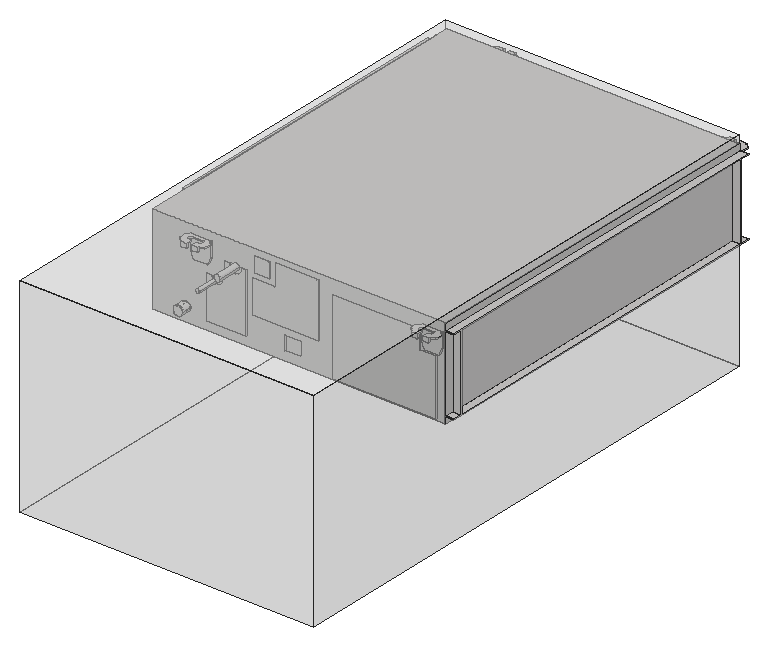
Revit family "outputfile", category 機械設備, Revit 2024
Family settings
  丸型コネクタ寸法 = 半径を使用
  パーツ タイプ = 標準
  OmniClass 番号 = 23.75.10.24.21.27.27
  OmniClass タイトル = Split System Air Conditioning Units
  作業面ベース = いいえ
  常に垂直 = はい
  ロード時にボイドで切り取り = いいえ
  注釈の向きを維持 = いいえ
  共有 = いいえ
  部屋計算ポイント = はい
Parameters (values of type "FBFC30EV2S")
  製造元 = "Daikin"
  書き出し IFC クラス(タイプ) = "IfcUnitaryEquipmentType"
  定義済み IFC タイプ(タイプ) = "AIRCONDITIONINGUNIT"
  モデル = "FBFC30EV2S"
  switch_frequency = yes
  r_Liquid Pipe Size = Liquid Pipe Size / 2  # 4.75 mm
  r_Gas Pipe Size = Gas Pipe Size / 2  # 7.95 mm
  r_Drain Pipe Size = Drain Pipe Size / 2  # 12.5 mm
  lw_power = 770.0 mm  # constant formula
  lh_SA = 138.0 mm  # constant formula
  lw_SA = if(Width = 550.0 mm, 225.0 mm, if(Width = 700.0 mm, 300.0 mm, if(Width = 1000.0 mm, 450.0 mm, if(Width = 1400.0 mm, 650.0 mm, 725.0 mm))))  # 450.0 mm
  lw_RA = if(Width = 550.0 mm, 275.0 mm, if(Width = 700.0 mm, 349.0 mm, if(Width = 1000.0 mm, 499.0 mm, if(Width = 1400.0 mm, 699.0 mm, 775.0 mm))))  # 499.0 mm
  lh_power = 60.0 mm + [h***]  # 60.0 mm
  lh_mountinghole1 = lh_mountinghole + [h***]  # 222.0 mm
  lh_RA = 123.0 mm  # constant formula
  ld_power = Width / 2  # 500.0 mm
  connector_voltage = Voltage_50Hz  # 220 V
  connector_powerinput = [Power Input (Cooling)]  # 2.840 kW
  connector_phase = Phase_50Hz  # 1
  Width = 1000.0 mm
  Voltage_comment_50Hz = "220 - 240"
  Voltage_50Hz = 220 V
  Supply Air Direction [instance] = yes
  Phase_50Hz = 1
  Minimum External Static Pressure = 40.00 Pa
  Maximum External Static Pressure = 140.00 Pa
  Material_Casing = DAIKIN_GalvanizedSteel_Casing_indoorunit
  lw_mountinghole = 630.0 mm  # constant formula
  lh_gaspipe = 183.0 mm + [h***]  # 183.0 mm
  lh_mountinghole = 222.0 mm  # constant formula
  lh_liquidpipe = 136.0 mm + [h***]  # 136.0 mm
  lh_drainpipe = 38.0 mm + [h***]  # 38.0 mm
  lh_antena = Height - lh_mountinghole + 1.0 mm  # 24.0 mm
  ld_drainpipe = Width / 2 + 26.0 mm  # 526.0 mm
  ld_liquidpipe = Width / 2 + 69.0 mm  # 569.0 mm
  ld_gaspipe = Width / 2 + 65.0 mm  # 565.0 mm
  ld_mountinghole = Width + 38.0 mm  # 1038.0 mm
  h*** = 0.0 mm  # constant formula
  lw_liquidpipe = 179.0 mm  # constant formula
  lw_gaspipe = 229.0 mm  # constant formula
  lw_drainpipe = 91.0 mm  # constant formula
  Version = "ver.1.0"
  Unit Type = "Duct"
  Unit Mass Weight = 36.00 kg
  Unit Designation [instance] = ""
  Uniclass2015Version = "Products v1.30"
  Uniclass2015Title = "Split coil room air conditioning units"
  Uniclass2015Code = "Pr_70_65_03_86"
  Total Cooling Capacity [instance] = 0.000 kW
  Sound Pressure Level_M speed (dBA) = 37
  Sound Pressure Level_L speed (dBA) = 34
  Sound Pressure Level_H speed (dBA) = 39
  Series = "SkyAir_Fan Coil Unit"
  Sensible Cooling Capacity [instance] = 0.000 kW
  SA Duct Size Width = 792.0 mm
  SA Duct Size Height = 176.0 mm
  Refrigerant Type = "R32"
  RA Duct Size Width = 952.0 mm
  RA Duct Size Height = 208.0 mm
  Power Input (Cooling) = 2.840 kW
  Option Accessory 3 [instance] = ""
  Option Accessory 2 [instance] = ""
  Option Accessory 1 [instance] = ""
  Nominal Cooling Capacity = 8.800 kW
  Minimum Airflow = 990.00 m³/h
  Median Airflow = 1200.00 m³/h
  Maximum Airflow = 1500.00 m³/h
  Load Classification = HVAC
  Liquid Pipe Size = 9.5 mm
  Link_Nested Family [instance] = ""
  IfcVersion = ""
  IfcExportType = "AIRCONDITIONINGUNIT"
  IfcExportAs = "IfcUnitaryEquipmentType"
  Height = 245.0 mm
  Heat Exchanger Type = "Cross Fin Coil"
  Gas Pipe Size = 15.9 mm
  Frequency_50Hz = 50 Hz
  Fan Type = "Sirocco Fan"
  Fan Drive = "Direct Drive"
  FCU Tag No. [instance] = ""
  Drain Pipe Size = 25.0 mm
  Design Supply Airflow [instance] = 0.00 m³/h
  Design Return Airflow [instance] = 0.00 m³/h
  Design External Static Pressure [instance] = 0.00 Pa
  既定の高さ = 0.0 mm
  Depth = 800.0 mm
  Cooling Entering Wet Bulb Temperature [instance] = 0.00 °C
  Cooling Entering Dry Bulb Temperature [instance] = 0.00 °C
  Cooling Ambient Wet Bulb Temperature [instance] = 0.00 °C
  Cooling Ambient Dry Bulb Temperature [instance] = 0.00 °C
  Clearance visibility [instance] = yes
  Clearance Top = 20.0 mm
  Clearance Right = 0.0 mm
  Clearance Rear = 0.0 mm
  Clearance Left = 0.0 mm
  Clearance Front = 450.0 mm
  Clearance Bottom = 300.0 mm
Reference planes
  plane 1 "Center (Front/Back)": y = 0
  plane 2 "h": z = 0
  plane 3 "Center (Left/Right)": x = 0
  plane 4 "Back": y = 500
  plane 5 "Front": y = -500
  plane 6 "Left": x = -400
  plane 7 "Right": x = 400
  plane 8 "Top": z = 0
  plane 9 "Bottom": z = -245
  plane 10: y = -215
  plane 11: y = 500
  plane 12: y = -950
  plane 13: x = -400
  plane 14: x = 400
  plane 15: z = 20
  plane 16: z = -545
  plane 17: x = -400
  plane 18: x = -399
  plane 19: x = 399
  plane 20: y = 50
  plane 21: y = -1
  plane 22: z = -122
  plane 23: y = -501
  plane 24: z = -109
  plane 25: x = -221
  plane 26: y = -565
  plane 27: z = -62
  plane 28: x = -171
  plane 29: y = -526
  plane 30: z = -207
  plane 31: x = -309
  plane 32: x = -309
  plane 33: x = -221
  plane 34: x = -171
  plane 35: x = 370
  plane 36: x = -266
  plane 37: x = 364
  plane 38: y = -519
  plane 39: y = 519
  plane 40: z = -23
  plane 41: z = -107
  plane 42: y = -569
  plane 43: z = -207
  plane 44: x = -309
  plane 45: y = -526
  plane 46: x = -251
  plane 47: x = -203
  plane 48: x = -144
  plane 49: z = -59
  plane 50: z = -106
  plane 51: z = -221
  plane 52: z = -109
  plane 53: x = -221
  plane 54: z = -62
  plane 55: x = -171
  plane 56: z = -17
  plane 57: z = -59
  plane 58: x = -121
  plane 59: x = -79
  plane 60: x = -125
  plane 61: x = -64
  plane 62: x = 53
  plane 63: z = -164
  plane 64: z = -73
  plane 65: z = -16
  plane 66: x = 93.5
  plane 67: x = 374.5
  plane 68: x = 330
  plane 69: z = -88.5
  plane 70: z = -38
  plane 71: z = -242.5
  plane 72: x = -38.5
  plane 73: x = 6.5
  plane 74: z = -181
  plane 75: z = -221
  plane 76: y = -499
  plane 77: x = -424
  plane 78: x = 424
Forms (mm)
  Extrusion 1, solid, material "DAIKIN_GalvanizedSteel_Casing_indoorunit" <- "Material_Casing"
    sketch origin (0, 0, 0) x (1, 0, 0) y (0, 1, 0)
      loop
        line (-399, 500) -> (-399, -500) -> (399, -500) -> (399, 500) -> (-399, 500)
    from -245 to 0
  Extrusion 2, solid, material "DAIKIN_GalvanizedSteel_Casing_indoorunit" <- "Material_Casing"
    sketch origin (0, 0, 0) x (1, 0, 0) y (0, 0, 1)
      loop
        line (-251, -221) -> (-144, -221) -> (-144, -59) -> (-154.47, -59)
        arc (-154.47, -59) -> (-171, -78.8) -> (-187.53, -59) r 16.8
        line (-187.53, -59) -> (-203, -59) -> (-203, -106) -> (-206.916, -106)
        arc (-206.916, -106) -> (-221, -123.4) -> (-235.084, -106) r 14.4
        line (-235.084, -106) -> (-251, -106) -> (-251, -221)
    from 500 to 501
  Extrusion 3, solid, material "DAIKIN_GalvanizedSteel_Casing_indoorunit" <- "Material_Casing"
    sketch origin (0, 0, 0) x (1, 0, 0) y (0, 0, 1)
      loop
        line (-121, -17) -> (-121, -59) -> (-79, -59) -> (-79, -17) -> (-121, -17)
      loop
        line (-125, -73) -> (-125, -164) -> (53, -164) -> (53, -16) -> (-64, -16) -> (-64, -73) -> (-125, -73)
    from 500 to 501
  Extrusion 4, solid, material "DAIKIN_GalvanizedSteel_Casing_indoorunit" <- "Material_Casing"
    sketch origin (0, 0, 0) x (1, 0, 0) y (0, 0, 1)
      loop
        line (93.5, -38) -> (93.5, -242.5) -> (374.5, -242.5) -> (374.5, -88.5) -> (330, -88.5) -> (330, -38) -> (93.5, -38)
    from 500 to 501
  Extrusion 5, solid, material "DAIKIN_GalvanizedSteel_Casing_indoorunit" <- "Material_Casing"
    sketch origin (0, 0, 0) x (1, 0, 0) y (0, 0, 1)
      loop
        circle (-221, -109) r 4.75
    from 500 to 569
  Extrusion 6, solid, material "DAIKIN_GalvanizedSteel_Casing_indoorunit" <- "Material_Casing"
    sketch origin (0, 0, 0) x (1, 0, 0) y (0, 0, 1)
      loop
        circle (-171, -62) r 7.95
    from 500 to 565
  Extrusion 7, solid, material "DAIKIN_GalvanizedSteel_Casing_indoorunit" <- "Material_Casing"
    sketch origin (0, 0, 0) x (1, 0, 0) y (0, 0, 1)
      loop
        circle (-309, -207) r 12.5
    from 501 to 526
  Extrusion 8, solid, material "DAIKIN_GalvanizedSteel_Casing_indoorunit" <- "Material_Casing"
    sketch origin (0, 0, 0) x (1, 0, 0) y (0, 0, 1)
      loop
        circle (-309, -207) r 13
    from 500 to 526
  Extrusion 9, void
    sketch origin (0, 0, 0) x (1, 0, 0) y (0, 0, 1)
      loop
        line (-38.5, -181) -> (-38.5, -221) -> (6.5, -221) -> (6.5, -181) -> (-38.5, -181)
    from 499 to 500
Cuts and joins
  Extrusion 9 cuts Extrusion 1
Dimensions and locks
  "Height": plane 8 "Top" to plane 9 "Bottom"
  equal spacing: plane 4 "Back", plane 1 "Center (Front/Back)", plane 5 "Front"
  "Width": plane 4 "Back" to plane 5 "Front"
  equal spacing: plane 6 "Left", plane 3 "Center (Left/Right)", plane 7 "Right"
  "Depth": plane 6 "Left" to plane 7 "Right"
  "Clearance Left": plane 13 to plane 6 "Left"
  "Clearance Right": plane 7 "Right" to plane 14
  "Clearance Rear": plane 11 to plane 4 "Back"
  "Clearance Front": plane 5 "Front" to plane 12
  "Clearance Top": plane 15 to plane 8 "Top"
  "Clearance Bottom": plane 9 "Bottom" to plane 16
  locked: plane 17 to plane 18 at 1
  locked: plane 19 to plane 14 at 1
  "lw_RA": plane 21 to plane 5 "Front"
  "lh_RA": plane 22 to plane 9 "Bottom"
  locked: plane 5 "Front" to plane 23 at 1
  "lw_liquidpipe": plane 25 to plane 6 "Left"
  "lh_liquidpipe": plane 24 to plane 9 "Bottom"
  "lh_gaspipe": plane 27 to plane 9 "Bottom"
  "lw_gaspipe": plane 28 to plane 6 "Left"
  "ld_gaspipe": plane 26 to plane 1 "Center (Front/Back)"
  "ld_drainpipe": plane 29 to plane 1 "Center (Front/Back)"
  "lh_drainpipe": plane 30 to plane 9 "Bottom"
  "lw_drainpipe": plane 31 to plane 6 "Left"
  "lw_drainpipe": plane 6 "Left" to plane 32
  "lw_liquidpipe": plane 6 "Left" to plane 33
  "lw_gaspipe": plane 6 "Left" to plane 34
  "lw_power": plane 6 "Left" to plane 35
  locked: plane 17 to plane 36 at 134
  "lw_mountinghole": plane 36 to plane 37
  equal spacing: plane 38, plane 1 "Center (Front/Back)", plane 39
  "ld_mountinghole": plane 39 to plane 38
  "lh_mountinghole": plane 40 to plane 9 "Bottom"
  "lh_SA": plane 41 to plane 9 "Bottom"
  locked: plane 44 to plane 6 "Left" at 91
  locked: plane 43 to plane 9 "Bottom" at 38
  locked: plane 5 "Front" to plane 45 at 26
  plane 48 to plane 47 to plane 46 to plane 6 "Left" = 59.0 mm, 48.0 mm, 149.0 mm
  plane 8 "Top" to plane 49 to plane 50 to plane 51 = 59.0 mm locked, 47.0 mm locked, 115.0 mm locked
  plane 55 to plane 53 to plane 6 "Left" = 50.0 mm locked, 179.0 mm locked
  plane 54 to plane 52 to plane 9 "Bottom" = 47.0 mm locked, 136.0 mm locked
  plane 59 to plane 58 to plane 6 "Left" = 42.0 mm locked, 279.0 mm locked
  plane 8 "Top" to plane 56 to plane 57 = 17.0 mm locked, 42.0 mm locked
  plane 62 to plane 61 to plane 60 to plane 6 "Left" = 117.0 mm, 61.0 mm, 275.0 mm
  plane 8 "Top" to plane 65 to plane 64 = 16.0 mm locked, 57.0 mm locked
  locked: plane 65 to plane 63 at 148
  plane 8 "Top" to plane 70 to plane 69 to plane 71 = 38.0 mm locked, 50.5 mm locked, 154.0 mm locked
  plane 67 to plane 68 to plane 66 to plane 6 "Left" = 44.5 mm locked, 236.5 mm locked, 493.5 mm locked
  plane 8 "Top" to plane 74 to plane 75 = 181.0 mm locked, 40.0 mm locked
  plane 73 to plane 72 to plane 6 "Left" = 45.0 mm, 361.5 mm
  locked: plane 76 to plane 5 "Front" at 1
  locked: plane 77 to plane 17 at 24
  locked: plane 14 to plane 78 at 24
  "ld_liquidpipe": plane 42 to plane 1 "Center (Front/Back)"
  "lw_SA": plane 4 "Back" to plane 20
  "r_Liquid Pipe Size": radius of Extrusion 5 sketch curve
  "r_Gas Pipe Size": radius of Extrusion 6 sketch curve
  "r_Drain Pipe Size": radius of Extrusion 7 sketch curve
  aligned and locked: level to plane 2 "h"
  aligned and locked: plane 8 "Top" to Extrusion 1
  aligned and locked: Extrusion 1 to plane 9 "Bottom"
  aligned and locked: nested 5 to plane 12
  aligned and locked: plane 13 to nested 5
  aligned and locked: plane 14 to nested 5
  aligned and locked: nested 5 to plane 13
  aligned and locked: plane 11 to nested 5
  aligned and locked: plane 15 to nested 5
  aligned and locked: plane 16 to nested 5
  aligned and locked: plane 5 "Front" to Extrusion 1 sketch curve
  aligned and locked: Extrusion 1 to plane 18
  aligned and locked: plane 19 to Extrusion 1
  aligned and locked: nested 7 to plane 18
  aligned and locked: nested 7 to plane 20
  aligned and locked: plane 19 to nested 8
  aligned and locked: plane 21 to nested 8
  aligned and locked: plane 22 to nested 8
  aligned and locked: Extrusion 2 to plane 23
  aligned and locked: plane 5 "Front" to Extrusion 2
  aligned and locked: Extrusion 3 to plane 23
  aligned and locked: plane 5 "Front" to Extrusion 3
  aligned and locked: plane 5 "Front" to Extrusion 4
  aligned and locked: Extrusion 5 sketch curve to plane 25
  aligned and locked: plane 24 to Extrusion 5 sketch curve
  aligned and locked: plane 5 "Front" to Extrusion 5
  aligned and locked: Extrusion 6 sketch curve to plane 28
  aligned and locked: plane 27 to Extrusion 6 sketch curve
  aligned and locked: plane 5 "Front" to Extrusion 6
  aligned and locked: Extrusion 7 sketch curve to plane 31
  aligned and locked: plane 30 to Extrusion 7 sketch curve
  aligned and locked: Extrusion 7 to plane 29
  aligned and locked: plane 23 to Extrusion 7
  aligned and locked: nested 3 to plane 29
  aligned and locked: plane 32 to nested 3
  aligned and locked: nested 2 to plane 33
  aligned and locked: nested 1 to plane 34
  aligned and locked: Extrusion 6 to plane 26
  aligned and locked: nested 1 to plane 26
  aligned and locked: nested 6 to plane 5 "Front"
  aligned and locked: nested 6 to plane 35
  aligned and locked: plane 36 to nested 10
  aligned and locked: nested 10 to plane 5 "Front"
  aligned and locked: plane 37 to nested 9
  aligned and locked: nested 9 to plane 5 "Front"
  aligned and locked: nested 11 to plane 36
  aligned and locked: plane 4 "Back" to nested 11
  aligned and locked: nested 12 to plane 37
  aligned and locked: plane 4 "Back" to nested 12
  aligned and locked: plane 40 to nested 10
  aligned and locked: plane 40 to nested 11
  aligned and locked: plane 40 to nested 9
  aligned and locked: plane 40 to nested 12
  aligned and locked: plane 36 to nested 14
  aligned and locked: nested 14 to plane 39
  aligned and locked: plane 37 to nested 13
  aligned and locked: nested 13 to plane 39
  aligned and locked: plane 37 to nested 16
  aligned and locked: plane 38 to nested 16
  aligned and locked: plane 38 to nested 15
  aligned and locked: plane 36 to nested 15
  aligned and locked: plane 17 to plane 6 "Left"
  aligned and locked: plane 41 to nested 7
  aligned and locked: Extrusion 5 to plane 42
  aligned and locked: nested 2 to plane 42
  aligned and locked: Extrusion 8 sketch curve to plane 44
  aligned and locked: plane 43 to Extrusion 8 sketch curve
  aligned and locked: plane 5 "Front" to Extrusion 8
  aligned and locked: plane 45 to Extrusion 8
  aligned and locked: Extrusion 3 sketch curve to plane 56
  aligned and locked: Extrusion 3 sketch curve to plane 58
  aligned and locked: plane 57 to Extrusion 3 sketch curve
  aligned and locked: plane 59 to Extrusion 3 sketch curve
  aligned and locked: Extrusion 4 to plane 23
  aligned and locked: Extrusion 9 sketch curve to plane 74
  aligned and locked: plane 75 to Extrusion 9 sketch curve
  aligned and locked: plane 73 to Extrusion 9 sketch curve
  aligned and locked: plane 5 "Front" to Extrusion 9
  aligned and locked: plane 76 to Extrusion 9
  aligned and locked: nested 17 to plane 20
  aligned and locked: nested 17 to plane 77
  aligned and locked: plane 21 to nested 18
  aligned and locked: plane 78 to nested 18
  aligned and locked: plane 41 to nested 17
  aligned and locked: nested 18 to plane 22
  aligned and locked: nested 4 to plane 3 "Center (Left/Right)"
  aligned and locked: plane 1 "Center (Front/Back)" to nested 4
  aligned and locked: level to plane 8 "Top"
Automatic sketch dimensions
  plane 6 "Left" to Extrusion 1 sketch curve = 1.0 mm
  Extrusion 1 sketch curve to plane 7 "Right" = 1.0 mm
  Extrusion 1 sketch curve to plane 4 "Back" = 0.0 mm
  Extrusion 2 sketch curve to plane 46 = 0.0 mm
  Extrusion 2 sketch curve to plane 33 = 0.0 mm
  Extrusion 2 sketch curve to plane 47 = 0.0 mm
  Extrusion 2 sketch curve to plane 34 = 0.0 mm
  Extrusion 2 sketch curve to plane 48 = 0.0 mm
  Extrusion 2 sketch curve to plane 51 = 0.0 mm
  Extrusion 2 sketch curve to plane 52 = 0.0 mm
  Extrusion 2 sketch curve to plane 50 = 0.0 mm  (x3)
  Extrusion 2 sketch curve to plane 54 = 0.0 mm
  Extrusion 2 sketch curve to plane 49 = 0.0 mm  (x3)
  plane 33 to Extrusion 2 sketch curve = 14.084 mm
  plane 34 to Extrusion 2 sketch curve = 16.53 mm
  Extrusion 3 sketch curve to plane 60 = 0.0 mm
  Extrusion 3 sketch curve to plane 61 = 0.0 mm
  Extrusion 3 sketch curve to plane 62 = 0.0 mm
  Extrusion 3 sketch curve to plane 63 = 0.0 mm
  Extrusion 3 sketch curve to plane 64 = 0.0 mm
  Extrusion 3 sketch curve to plane 65 = 0.0 mm
  Extrusion 4 sketch curve to plane 66 = 0.0 mm
  Extrusion 4 sketch curve to plane 68 = 0.0 mm
  Extrusion 4 sketch curve to plane 67 = 0.0 mm
  Extrusion 4 sketch curve to plane 71 = 0.0 mm
  Extrusion 4 sketch curve to plane 69 = 0.0 mm
  Extrusion 4 sketch curve to plane 70 = 0.0 mm
  Extrusion 9 sketch curve to plane 72 = 0.0 mm
  radius of Extrusion 8 sketch curve = 13.0 mm
Nested families
  nested 1: "daikin_connector_rotate2" at (-171, 0, -62), length <- "ld_gaspipe", built-in parameter 1001364 <- "lh_gaspipe", radius <- "r_Gas Pipe Size", type "daikin_connector_rotate2"
    with radius 7.95 mm, length 565.0 mm, angle_vertical 90.00°
  nested 2: "daikin_connector_rotate2" at (-221, 0, -109), length <- "ld_liquidpipe", built-in parameter 1001364 <- "lh_liquidpipe", radius <- "r_Liquid Pipe Size", type "daikin_connector_rotate2"
    with radius 4.75 mm, length 569.0 mm, angle_vertical 90.00°
  nested 3: "daikin_connector_rotate2" at (-309, 0, -207), length <- "ld_drainpipe", built-in parameter 1001364 <- "lh_drainpipe", radius <- "r_Drain Pipe Size", type "daikin_connector_rotate2"
    with radius 12.5 mm, length 526.0 mm, angle_vertical 90.00°
  nested 4: "daikin_△_symbolicline" at (0, 0, 245) x (0, -1, 0) z (0, 0, 1), built-in parameter 1001364 <- "Height", visible <- "Supply Air Direction", type "daikin_△_symbolicline"
    with length 200.0 mm
  nested 5: "daikin_clearancespace" at (0, -225, -262.381), visible <- "Clearance visibility", show <- "Clearance visibility", Link_Nested Family <- "Link_Nested Family", type "daikin_clearancespace"
    with width 800.0 mm, show yes, height 565.0 mm, depth 1450.0 mm, Link_Nested Family ""
  nested 6: "daikin_connector_rotate2" at (370, 0, -185), built-in parameter 1001364 <- "lh_power", length <- "ld_power", type "daikin_connector_rotate2"
    with radius 10.0 mm, length 500.0 mm, angle_vertical 90.00°
  nested 7: "daikin_ductflange_FBFC-EV2S2" at (-399, 50, -107) x (0, -1, 0) z (0, 0, 1), type "daikin_ductflange_FBFC-EV2S2"
    with width 792.0 mm, w 1000.0 mm
  nested 8: "daikin_ductflange_FBFC-EV2S" at (399, -1, -122) x (0, 1, 0) z (0, 0, 1), type "daikin_ductflange_FBFC-EV2S"
    with width 952.0 mm, lw 25.0 mm, w 1000.0 mm
  nested 9: "daikin_hangerfixture_FBFC-EV2S" at (364, -500, -23), type "daikin_hangerfixture_FBFC-EV2S"
  nested 10: "daikin_hangerfixture_FBFC-EV2S" at (-266, -500, -23), type "daikin_hangerfixture_FBFC-EV2S"
  nested 11: "daikin_hangerfixture_FBFC-EV2S" at (-266, 500, -23) x (-1, 0, 0) z (0, 0, 1), type "daikin_hangerfixture_FBFC-EV2S"
  nested 12: "daikin_hangerfixture_FBFC-EV2S" at (364, 500, -23) x (-1, 0, 0) z (0, 0, 1), type "daikin_hangerfixture_FBFC-EV2S"
  nested 13: "daikin_mountinghole" at (364, 519, -245), h_mountinghole <- "lh_mountinghole1", l_antenna <- "lh_antena", Link_Nested Family <- "Link_Nested Family", type "daikin_mountinghole"
    with show yes, l_antenna 24.0 mm, h_mountinghole 222.0 mm, Link_Nested Family ""
  nested 14: "daikin_mountinghole" at (-266, 519, -245), h_mountinghole <- "lh_mountinghole1", l_antenna <- "lh_antena", Link_Nested Family <- "Link_Nested Family", type "daikin_mountinghole"
    with show yes, l_antenna 24.0 mm, h_mountinghole 222.0 mm, Link_Nested Family ""
  nested 15: "daikin_mountinghole" at (-266, -519, -245), h_mountinghole <- "lh_mountinghole1", l_antenna <- "lh_antena", Link_Nested Family <- "Link_Nested Family", type "daikin_mountinghole"
    with show yes, l_antenna 24.0 mm, h_mountinghole 222.0 mm, Link_Nested Family ""
  nested 16: "daikin_mountinghole" at (364, -519, -245), h_mountinghole <- "lh_mountinghole1", l_antenna <- "lh_antena", Link_Nested Family <- "Link_Nested Family", type "daikin_mountinghole"
    with show yes, l_antenna 24.0 mm, h_mountinghole 222.0 mm, Link_Nested Family ""
  nested 17: "daikin_connector_rotate2" at (-400, 50, -107) x (0, -1, 0) z (0, 0, 1), type "daikin_connector_rotate2"
    with radius 10.0 mm, length 24.0 mm, angle_vertical 90.00°
  nested 18: "daikin_connector_rotate2" at (400, -1, -122) x (0, 1, 0) z (0, 0, 1), type "daikin_connector_rotate2"
    with radius 10.0 mm, length 24.0 mm, angle_vertical 90.00°
Connectors
  piping at (-309, -526, -207), diameter 25, driven by "r_Drain Pipe Size"
    settings: on nested 3, index 3, connector inside diameter 609.6 mm, connector length 0.0 mm, flow factor 0, pipe flow 0.00 m³/h, pressure drop 0.0 Pa, fitting loss kfactor 0, connector angle 0.00°, fixture units 0, engagement length 0.0 mm, angle of deflection 0.00°, flow configuration 1, flow direction 2, fitting loss method 4, system type 16, joint type 0, gender type 0, connector reference index -1, connector utility 0, adjustable connector no, is connector primary yes, connector description "Condensate Drain Piping"
  piping at (-171, -565, -62), diameter 15.9, driven by "r_Gas Pipe Size"
    settings: on nested 1, index 4, connector inside diameter 609.6 mm, connector length 0.0 mm, flow factor 0, pipe flow 0.00 m³/h, pressure drop 0.0 Pa, fitting loss kfactor 0, connector angle 0.00°, fixture units 0, engagement length 0.0 mm, angle of deflection 0.00°, flow configuration 1, flow direction 2, fitting loss method 0, system type 29, joint type 0, gender type 0, connector reference index -1, connector utility 0, adjustable connector no, is connector primary no, connector description "Refrigerant Gas Piping"
  piping at (-221, -569, -109), diameter 9.5, driven by "r_Liquid Pipe Size"
    settings: on nested 2, index 5, connector inside diameter 609.6 mm, connector length 0.0 mm, flow factor 0, pipe flow 0.00 m³/h, pressure drop 0.0 Pa, fitting loss kfactor 0, connector angle 0.00°, fixture units 0, engagement length 0.0 mm, angle of deflection 0.00°, flow configuration 1, flow direction 1, fitting loss method 0, system type 29, joint type 0, gender type 0, connector reference index -1, connector utility 0, adjustable connector no, is connector primary no, connector description "Refrigerant Liquid Piping"
  electrical at (370, -500, -185), driven by "Load Classification", driven by "connector_powerinput", driven by "connector_voltage", driven by "connector_phase"
    settings: on nested 6, index 6, voltage 220 V, apparent load 2840 VA, apparent load phase1 0 VA, apparent load phase2 0 VA, apparent load phase3 0 VA, power factor 1, load classification "HVAC", number of poles 1, system type 30, power factor state 1, is connector primary yes, connector utility no, sub classification motor no, connector description "Power Supply"
  hvac at (-424, 50, -107), driven by "SA Duct Size Height", driven by "SA Duct Size Width"
    settings: on nested 17, index 7, duct flow 0.00 m³/h, flow factor 0, pres drop 0.00 Pa, loss coef 0, conn angle 0.00°, conn width 792.0 mm, conn height 176.0 mm, conn diameter 609.6 mm, duct sys type 1, conn prof type 1, flow config 0, flow direction 2, loss method 4, conn ref index -1, conn util no, is conn primary yes, conn desc "SA Duct"
  hvac at (424, -1, -122), driven by "RA Duct Size Height", driven by "RA Duct Size Width"
    settings: on nested 18, index 8, duct flow 0.00 m³/h, flow factor 0, pres drop 0.00 Pa, loss coef 0, conn angle 0.00°, conn width 952.0 mm, conn height 208.0 mm, conn diameter 609.6 mm, duct sys type 2, conn prof type 1, flow config 0, flow direction 1, loss method 4, conn ref index -1, conn util no, is conn primary no, conn desc "RA Duct"
Definition of nested family "daikin_clearancespace"
  Parameters (values of type "daikin_clearancespace")
    Description = "daikin_clearancespace"
    width [instance] = 1823.963 mm
    show [instance] = yes
    material = none
    height [instance] = 1359.762 mm
    depth [instance] = 880.0 mm
    Default Elevation = 0.0 mm
    Link_Nested Family [instance] = ""
  Reference planes
    plane 1 "Center (Front/Back)": y = 0
    plane 2 "Center (Elevation)": z = -0.119
    plane 3 "Center (Left/Right)": x = 0
    plane 4: y = 440
    plane 5: y = -440
    plane 6 "Right": x = 911.982
    plane 7 "Left": x = -911.982
    plane 8 "Top": z = 679.762
    plane 9 "Bottom": z = -680
  Forms (mm)
    Extrusion 1, solid, material <- "material", visible <- "show"
      sketch origin (0, 0, 0) x (1, 0, 0) y (0, 1, 0)
        loop
          line (-911.982, 440) -> (-911.982, -440) -> (911.982, -440) -> (911.982, 440) -> (-911.982, 440)
      from -680 to 679.762
  Lines and regions (mm)
    symbolic lines, visible <- "show"
      curve 1: line (911.982, 440, 0) -> (-911.982, 440, 0)
      curve 2: line (-911.982, 440, 0) -> (-911.982, -440, 0)
      curve 3: line (-911.982, -440, 0) -> (911.982, -440, 0)
      curve 4: line (911.982, -440, 0) -> (911.982, 440, 0)
      curve 5: line (911.982, 0, 679.762) -> (-911.982, 0, 679.762)
      curve 6: line (911.982, 0, -680) -> (911.982, 0, 679.762)
      curve 7: line (-911.982, 0, -680) -> (911.982, 0, -680)
      curve 8: line (-911.982, 0, 679.762) -> (-911.982, 0, -680)
      curve 9: line (0, 440, 679.762) -> (0, -440, 679.762)
      curve 10: line (0, -440, 679.762) -> (0, -440, -680)
      curve 11: line (0, 440, -680) -> (0, 440, 679.762)
      curve 12: line (0, -440, -680) -> (0, 440, -680)
  Dimensions and locks
    "width": plane 7 "Left" to plane 6 "Right"
    "depth": plane 4 to plane 5
    "height": plane 8 "Top" to plane 9 "Bottom"
    equal spacing: plane 7 "Left", plane 3 "Center (Left/Right)", plane 6 "Right"
    equal spacing: plane 4, plane 1 "Center (Front/Back)", plane 5
    equal spacing: plane 8 "Top", plane 2 "Center (Elevation)", plane 9 "Bottom"
    aligned and locked: level to plane 2 "Center (Elevation)"
    aligned and locked: Extrusion 1 sketch curve to plane 4
    aligned and locked: plane 7 "Left" to Extrusion 1 sketch curve
    aligned and locked: Extrusion 1 sketch curve to plane 5
    aligned and locked: Extrusion 1 sketch curve to plane 6 "Right"
    aligned and locked: plane 8 "Top" to Extrusion 1
    aligned and locked: curve 1 to Extrusion 1
    aligned and locked: curve 2 to Extrusion 1
    aligned and locked: curve 3 to Extrusion 1
    aligned and locked: curve 4 to Extrusion 1
    aligned and locked: curve 5 to Extrusion 1
    aligned and locked: curve 6 to Extrusion 1
    aligned and locked: curve 7 to Extrusion 1
    aligned and locked: curve 8 to Extrusion 1
    aligned and locked: curve 9 to Extrusion 1
    aligned and locked: curve 10 to Extrusion 1
    aligned and locked: curve 11 to Extrusion 1
    aligned and locked: curve 12 to Extrusion 1
    aligned and locked: Extrusion 1 to plane 9 "Bottom"
Definition of nested family "daikin_ductflange_FBFC-EV2S2"
  Parameters (values of type "daikin_ductflange_FBFC-DVMG2")
    width = if(w = 550.0 mm, 337.0 mm, if(w = 700.0 mm, 492.0 mm, if(w = 1000.0 mm, 792.0 mm, if(w = 1400.0 mm, 1192.0 mm, 1337.0 mm))))  # 1192.0 mm
    material = none
    height = 215.0 mm
    depth = 1.0 mm
    w = 1400.0 mm
    Default Elevation = 0.0 mm
  Reference planes
    plane 1 "Center (Front/Back)": y = 0
    plane 2: z = 0
    plane 3 "Center (Left/Right)": x = 0
    plane 4: z = 88
    plane 5: z = -88
    plane 6: y = -25
    plane 7: z = 106
    plane 8: z = 89
    plane 9: y = -1
    plane 10: x = -617.5
    plane 11: x = 617.5
    plane 12: z = -106
    plane 13: z = -89
    plane 14: y = -1
    plane 15: x = 596
    plane 16: x = -596
    plane 17: x = 597
    plane 18: z = 87
    plane 19: z = -87
    plane 20: x = -597
    plane 21: z = 87
    plane 22: z = -87
    plane 23: y = -1
  Forms (mm)
    Extrusion 1, solid, material <- "material"
      sketch origin (0, 0, 0) x (0, 1, 0) y (0, 0, 1)
        loop
          line (-25, 88) -> (0, 88) -> (0, 106) -> (-1, 106) -> (-1, 89) -> (-25, 89) -> (-25, 88)
      from -617.5 to 617.5
    Extrusion 2, solid, material <- "material"
      sketch origin (0, 0, 0) x (0, 1, 0) y (0, 0, 1)
        loop
          line (-25, -88) -> (-25, -89) -> (-1, -89) -> (-1, -106) -> (0, -106) -> (0, -88) -> (-25, -88)
      from -617.5 to 617.5
    Extrusion 3, solid, material <- "material"
      sketch origin (0, 0, 0) x (1, 0, 0) y (0, 0, 1)
        loop
          line (596, 88) -> (596, -88) -> (617.5, -88) -> (617.5, -87) -> (597, -87) -> (597, 87) -> (617.5, 87) -> (617.5, 88) -> (596, 88)
      from 0 to 25
    Extrusion 4, solid, material <- "material"
      sketch origin (0, 0, 0) x (1, 0, 0) y (0, 0, 1)
        loop
          line (-617.5, 88) -> (-617.5, 87) -> (-597, 87) -> (-597, -87) -> (-617.5, -87) -> (-617.5, -88) -> (-596, -88) -> (-596, 88) -> (-617.5, 88)
      from 0 to 25
    Extrusion 5, solid, material <- "material"
      sketch origin (0, 0, 0) x (1, 0, 0) y (0, 0, 1)
        loop
          line (-617.5, 88) -> (-617.5, -88) -> (-596, -88) -> (-596, 88) -> (-617.5, 88)
        loop
          line (617.5, 88) -> (596, 88) -> (596, -88) -> (617.5, -88) -> (617.5, 88)
      from 0 to 1
  Cuts and joins
    joined: Extrusion 1, Extrusion 2, Extrusion 3, Extrusion 4, Extrusion 5
  Dimensions and locks
    plane 4 to level to plane 5 = 88.0 mm, 88.0 mm
    locked: plane 6 to plane 1 "Center (Front/Back)" at 25
    locked: plane 9 to plane 1 "Center (Front/Back)" at 1
    locked: plane 8 to plane 4 at 1
    locked: plane 16 to plane 10 at 21.5
    locked: plane 17 to plane 15 at 1
    locked: plane 4 to plane 18 at 1
    locked: plane 19 to plane 5 at 1
    "width": plane 15 to plane 16
    plane 4 to plane 5 = 176.0 mm
    locked: plane 16 to plane 20 at 1
    locked: plane 4 to plane 21 at 1
    locked: plane 22 to plane 5 at 1
    locked: plane 23 to plane 1 "Center (Front/Back)" at 1
    plane 4 to level to plane 5 = 88.0 mm locked, 88.0 mm locked
    locked: plane 5 to plane 13 at 1
    locked: plane 5 to plane 12 at 18
    locked: plane 7 to plane 4 at 18
    equal spacing: plane 15, plane 3 "Center (Left/Right)", plane 16
    locked: plane 11 to plane 15 at 21.5
    plane 11 to plane 10 = 1235.0 mm
    aligned and locked: level to plane 2
    aligned and locked: Extrusion 1 to plane 10
    aligned and locked: plane 11 to Extrusion 1
    aligned and locked: plane 5 to Extrusion 2
    aligned and locked: Extrusion 2 to plane 1 "Center (Front/Back)"
    aligned and locked: plane 15 to Extrusion 3 sketch curve
    aligned and locked: Extrusion 3 sketch curve to Extrusion 2  (x2)
    aligned and locked: Extrusion 3 sketch curve to plane 11
    aligned and locked: plane 6 to Extrusion 3
    aligned and locked: Extrusion 2 to plane 10
    aligned and locked: plane 11 to Extrusion 2
    aligned and locked: Extrusion 4 sketch curve to Extrusion 1  (x2)
    aligned and locked: plane 5 to Extrusion 4 sketch curve
    aligned and locked: Extrusion 4 sketch curve to plane 16
    aligned and locked: Extrusion 4 sketch curve to plane 22
    aligned and locked: plane 20 to Extrusion 4 sketch curve
    aligned and locked: plane 21 to Extrusion 4 sketch curve
    aligned and locked: Extrusion 4 to plane 1 "Center (Front/Back)"
    aligned and locked: plane 6 to Extrusion 4
    aligned and locked: Extrusion 5 sketch curve to Extrusion 1  (x4)
    aligned and locked: Extrusion 5 sketch curve to Extrusion 4  (x2)
    aligned and locked: Extrusion 5 sketch curve to Extrusion 3  (x2)
    aligned and locked: Extrusion 5 to plane 1 "Center (Front/Back)"
    aligned and locked: plane 23 to Extrusion 5
  Automatic sketch dimensions
    Extrusion 1 sketch curve to plane 6 = 0.0 mm
    Extrusion 1 sketch curve to plane 7 = 0.0 mm
    Extrusion 1 sketch curve to plane 9 = 0.0 mm
    Extrusion 1 sketch curve to plane 1 "Center (Front/Back)" = 0.0 mm
    Extrusion 1 sketch curve to plane 4 = 0.0 mm
    Extrusion 1 sketch curve to plane 8 = 0.0 mm
    Extrusion 2 sketch curve to plane 6 = 0.0 mm
    plane 12 to Extrusion 2 sketch curve = 0.0 mm
    Extrusion 2 sketch curve to plane 14 = 0.0 mm
    Extrusion 2 sketch curve to plane 1 "Center (Front/Back)" = 0.0 mm
    plane 13 to Extrusion 2 sketch curve = 0.0 mm
    Extrusion 2 sketch curve to plane 5 = 0.0 mm
    Extrusion 3 sketch curve to plane 17 = 0.0 mm
    Extrusion 3 sketch curve to plane 19 = 0.0 mm
    Extrusion 3 sketch curve to plane 18 = 0.0 mm
    Extrusion 3 sketch curve to plane 4 = 0.0 mm
    Extrusion 4 sketch curve to plane 10 = 0.0 mm
Definition of nested family "daikin_ductflange_FBFC-EV2S"
  Parameters (values of type "daikin_ductflange_FBFC-DVMG")
    width = if(w = 550.0 mm, 502.0 mm, if(w = 700.0 mm, 654.0 mm, if(w = 1000.0 mm, 952.0 mm, if(w = 1400.0 mm, 1352.0 mm, 1502.0 mm))))  # 654.0 mm
    material = none
    lw = if(width = 654.0 mm, 23.0 mm, 25.0 mm)  # 23.0 mm
    height = 208.0 mm
    depth = 1.0 mm
    w = 700.0 mm
    Default Elevation = 0.0 mm
  Reference planes
    plane 1 "Center (Front/Back)": y = 0
    plane 2: z = 0
    plane 3 "Center (Left/Right)": x = 0
    plane 4: z = 104
    plane 5: z = -104
    plane 6: y = -25
    plane 7: z = 121
    plane 8: z = 105
    plane 9: y = -1
    plane 10: x = -350
    plane 11: x = 350
    plane 12: z = -122
    plane 13: z = -105
    plane 14: y = -1
    plane 15: x = 327
    plane 16: x = -327
    plane 17: x = 328
    plane 18: z = 103
    plane 19: z = -103
    plane 20: x = -328
    plane 21: z = 103
    plane 22: z = -103
    plane 23: y = -1
  Forms (mm)
    Extrusion 1, solid, material <- "material"
      sketch origin (0, 0, 0) x (0, 1, 0) y (0, 0, 1)
        loop
          line (-25, 104) -> (0, 104) -> (0, 121) -> (-1, 121) -> (-1, 105) -> (-25, 105) -> (-25, 104)
      from -350 to 350
    Extrusion 2, solid, material <- "material"
      sketch origin (0, 0, 0) x (0, 1, 0) y (0, 0, 1)
        loop
          line (-25, -104) -> (-25, -105) -> (-1, -105) -> (-1, -122) -> (0, -122) -> (0, -104) -> (-25, -104)
      from -350 to 350
    Extrusion 3, solid, material <- "material"
      sketch origin (0, 0, 0) x (1, 0, 0) y (0, 0, 1)
        loop
          line (327, 104) -> (327, -104) -> (350, -104) -> (350, -103) -> (328, -103) -> (328, 103) -> (350, 103) -> (350, 104) -> (327, 104)
      from 0 to 25
    Extrusion 4, solid, material <- "material"
      sketch origin (0, 0, 0) x (1, 0, 0) y (0, 0, 1)
        loop
          line (-350, 104) -> (-350, 103) -> (-328, 103) -> (-328, -103) -> (-350, -103) -> (-350, -104) -> (-327, -104) -> (-327, 104) -> (-350, 104)
      from 0 to 25
    Extrusion 5, solid, material <- "material"
      sketch origin (0, 0, 0) x (1, 0, 0) y (0, 0, 1)
        loop
          line (-350, 104) -> (-350, -104) -> (-327, -104) -> (-327, 104) -> (-350, 104)
        loop
          line (350, 104) -> (327, 104) -> (327, -104) -> (350, -104) -> (350, 104)
      from 0 to 1
  Cuts and joins
    joined: Extrusion 1, Extrusion 2, Extrusion 3, Extrusion 4, Extrusion 5
  Dimensions and locks
    plane 4 to level to plane 5 = 104.0 mm, 104.0 mm
    locked: plane 6 to plane 1 "Center (Front/Back)" at 25
    locked: plane 9 to plane 1 "Center (Front/Back)" at 1
    locked: plane 8 to plane 4 at 1
    "lw": plane 11 to plane 15
    "lw": plane 16 to plane 10
    locked: plane 17 to plane 15 at 1
    locked: plane 4 to plane 18 at 1
    locked: plane 19 to plane 5 at 1
    "width": plane 15 to plane 16
    equal spacing: plane 15, plane 3 "Center (Left/Right)", plane 16
    locked: plane 16 to plane 20 at 1
    locked: plane 4 to plane 21 at 1
    locked: plane 22 to plane 5 at 1
    locked: plane 23 to plane 1 "Center (Front/Back)" at 1
    locked: plane 7 to plane 4 at 17
    locked: plane 1 "Center (Front/Back)" to plane 14 at 1
    locked: plane 5 to plane 13 at 1
    "height": plane 4 to plane 5
    plane 11 to plane 10 = 700.0 mm
    locked: plane 12 to plane 13 at 17
    equal spacing: plane 4, level, plane 5
    aligned and locked: level to plane 2
    aligned and locked: Extrusion 1 to plane 10
    aligned and locked: plane 11 to Extrusion 1
    aligned and locked: plane 5 to Extrusion 2
    aligned and locked: Extrusion 2 to plane 1 "Center (Front/Back)"
    aligned and locked: plane 15 to Extrusion 3 sketch curve
    aligned and locked: Extrusion 3 sketch curve to Extrusion 2  (x2)
    aligned and locked: Extrusion 3 sketch curve to plane 11
    aligned and locked: plane 6 to Extrusion 3
    aligned and locked: Extrusion 2 to plane 10
    aligned and locked: plane 11 to Extrusion 2
    aligned and locked: Extrusion 4 sketch curve to Extrusion 1  (x2)
    aligned and locked: plane 5 to Extrusion 4 sketch curve
    aligned and locked: Extrusion 4 sketch curve to plane 16
    aligned and locked: Extrusion 4 sketch curve to plane 22
    aligned and locked: plane 20 to Extrusion 4 sketch curve
    aligned and locked: plane 21 to Extrusion 4 sketch curve
    aligned and locked: Extrusion 4 to plane 1 "Center (Front/Back)"
    aligned and locked: plane 6 to Extrusion 4
    aligned and locked: Extrusion 5 sketch curve to Extrusion 1  (x4)
    aligned and locked: Extrusion 5 sketch curve to Extrusion 4  (x2)
    aligned and locked: Extrusion 5 sketch curve to Extrusion 3  (x2)
    aligned and locked: Extrusion 5 to plane 1 "Center (Front/Back)"
    aligned and locked: plane 23 to Extrusion 5
  Automatic sketch dimensions
    Extrusion 1 sketch curve to plane 6 = 0.0 mm
    Extrusion 1 sketch curve to plane 7 = 0.0 mm
    Extrusion 1 sketch curve to plane 9 = 0.0 mm
    Extrusion 1 sketch curve to plane 1 "Center (Front/Back)" = 0.0 mm
    Extrusion 1 sketch curve to plane 4 = 0.0 mm
    Extrusion 1 sketch curve to plane 8 = 0.0 mm
    Extrusion 2 sketch curve to plane 6 = 0.0 mm
    plane 12 to Extrusion 2 sketch curve = 0.0 mm
    Extrusion 2 sketch curve to plane 14 = 0.0 mm
    Extrusion 2 sketch curve to plane 1 "Center (Front/Back)" = 0.0 mm
    plane 13 to Extrusion 2 sketch curve = 0.0 mm
    Extrusion 2 sketch curve to plane 5 = 0.0 mm
    Extrusion 3 sketch curve to plane 17 = 0.0 mm
    Extrusion 3 sketch curve to plane 19 = 0.0 mm
    Extrusion 3 sketch curve to plane 18 = 0.0 mm
    Extrusion 3 sketch curve to plane 4 = 0.0 mm
    Extrusion 4 sketch curve to plane 10 = 0.0 mm
Definition of nested family "daikin_hangerfixture_FBFC-EV2S"
  Parameters (values of type "daikin_hangerfixture_FXMQ-PAVE")
    width = 72.0 mm
    material = none
    height = 60.0 mm
    depth = 41.0 mm
    Default Elevation = 0.0 mm
  Reference planes
    plane 1 "Center (Front/Back)": y = 0
    plane 2: z = 0
    plane 3 "Center (Left/Right)": x = 0
    plane 4: y = 417.146
    plane 5: y = -41
    plane 6: x = -36
    plane 7: x = 36
    plane 8: z = -2.3
    plane 9: z = -60
    plane 10: y = -2.3
    plane 11: z = -12
    plane 12: y = -38.7
  Forms (mm)
    Extrusion 1, solid, material <- "material"
      sketch origin (0, 0, 0) x (1, 0, 0) y (0, 1, 0)
        loop
          line (-28, 0) -> (-28, -5)
          arc (-28, -5) -> (-29.127, -8.162) -> (-32, -9.899) r 5
          arc (-32, -9.899) -> (-34.873, -11.636) -> (-36, -14.798) r 5
          line (-36, -14.798) -> (-36, -27.178)
          arc (-36, -27.178) -> (-35.429, -29.499) -> (-33.846, -31.289) r 5
          line (-33.846, -31.289) -> (-23, -38.798) -> (-23, -41.098) -> (-6.5, -41.098) -> (-6.5, -28.498)
          arc (-6.5, -28.498) -> (-7.379, -26.377) -> (-9.5, -25.498) r 3
          line (-9.5, -25.498) -> (-13.5, -25.498)
          arc (-13.5, -25.498) -> (-20, -18.998) -> (-13.5, -12.498) r 6.5
          line (-13.5, -12.498) -> (13.5, -12.498)
          arc (13.5, -12.498) -> (20, -18.998) -> (13.5, -25.498) r 6.5
          line (13.5, -25.498) -> (9.5, -25.498)
          arc (9.5, -25.498) -> (7.379, -26.377) -> (6.5, -28.498) r 3
          line (6.5, -28.498) -> (6.5, -41.098) -> (23, -41.098) -> (23, -38.798) -> (33.846, -31.289)
          arc (33.846, -31.289) -> (35.429, -29.499) -> (36, -27.178) r 5
          line (36, -27.178) -> (36, -14.596)
          arc (36, -14.596) -> (34.873, -11.434) -> (32, -9.697) r 5
          arc (32, -9.697) -> (29.127, -7.96) -> (28, -4.798) r 5
          line (28, -4.798) -> (28, 0) -> (-28, 0)
      from 0 to -2.3
    Extrusion 2, solid, material <- "material"
      sketch origin (0, 0, 0) x (1, 0, 0) y (0, 0, 1)
        loop
          line (28, -39.037) -> (28, 0) -> (-28, 0) -> (-28, -39.037)
          arc (-28, -39.037) -> (-27.91, -39.983) -> (-27.642, -40.894) r 5
          line (-27.642, -40.894) -> (-21.257, -56.857)
          arc (-21.257, -56.857) -> (-19.418, -59.14) -> (-16.615, -60) r 5
          line (-16.615, -60) -> (16.615, -60)
          arc (16.615, -60) -> (19.418, -59.14) -> (21.257, -56.857) r 5
          line (21.257, -56.857) -> (27.642, -40.894)
          arc (27.642, -40.894) -> (27.91, -39.983) -> (28, -39.037) r 5
      from 0 to 2.3
    Extrusion 3, solid, material <- "material"
      sketch origin (0, 0, 0) x (1, 0, 0) y (0, 0, 1)
        loop
          line (-23, 0) -> (-23, -9)
          arc (-23, -9) -> (-22.121, -11.121) -> (-20, -12) r 3
          line (-20, -12) -> (-9.5, -12)
          arc (-9.5, -12) -> (-7.379, -11.121) -> (-6.5, -9) r 3
          line (-6.5, -9) -> (-6.5, 0) -> (-23, 0)
        loop
          line (23, 0) -> (6.5, 0) -> (6.5, -9)
          arc (6.5, -9) -> (7.379, -11.121) -> (9.5, -12) r 3
          line (9.5, -12) -> (20, -12)
          arc (20, -12) -> (22.121, -11.121) -> (23, -9) r 3
          line (23, -9) -> (23, 0)
      from 38.8 to 41.098
  Cuts and joins
    joined: Extrusion 1, Extrusion 2, Extrusion 3
  Dimensions and locks
    plane 2 to plane 8 = 2.3 mm
    "height": plane 2 to plane 9
    locked: plane 10 to plane 1 "Center (Front/Back)" at 2.3
    locked: plane 2 to plane 11 at 12
    locked: plane 12 to plane 5 at 2.3
    aligned and locked: level to plane 2
    aligned and locked: Extrusion 1 to plane 8
    aligned and locked: plane 2 to Extrusion 1
    aligned and locked: plane 2 to Extrusion 2 sketch curve
    aligned and locked: Extrusion 2 to plane 10
    aligned and locked: Extrusion 2 to plane 1 "Center (Front/Back)"
    aligned and locked: Extrusion 3 sketch curve to cut or joined group of Extrusion 1, Extrusion 2, Extrusion 3  (x3)
    aligned and locked: cut or joined group of Extrusion 1, Extrusion 2, Extrusion 3 to Extrusion 3
  Automatic sketch dimensions
    Extrusion 2 sketch curve to plane 7 = 8.0 mm
    Extrusion 2 sketch curve to plane 8 = 36.737 mm
    plane 6 to Extrusion 2 sketch curve = 19.385 mm
    Extrusion 1 sketch curve to plane 6 = 0.0 mm
    plane 1 "Center (Front/Back)" to Extrusion 1 sketch curve = 0.0 mm
    Extrusion 1 sketch curve to plane 7 = 0.0 mm
    plane 6 to Extrusion 1 sketch curve = 2.154 mm
    plane 6 to Extrusion 1 sketch curve = 3.0 mm
    Extrusion 1 sketch curve to Extrusion 1 sketch curve = 5.0 mm  (x3)
    Extrusion 1 sketch curve to plane 12 = 0.098 mm  (x2)
    Extrusion 1 sketch curve to Extrusion 1 sketch curve = 4.0 mm  (x2)
    Extrusion 1 sketch curve to plane 5 = 0.098 mm  (x2)
    Extrusion 1 sketch curve to plane 3 "Center (Left/Right)" = 6.5 mm
    plane 3 "Center (Left/Right)" to Extrusion 1 sketch curve = 6.5 mm
    Extrusion 1 sketch curve to Extrusion 1 sketch curve = 3.0 mm
    Extrusion 1 sketch curve to plane 7 = 8.0 mm
    Extrusion 1 sketch curve to plane 7 = 5.0 mm
    Extrusion 1 sketch curve to plane 7 = 3.0 mm
    Extrusion 1 sketch curve to plane 7 = 2.154 mm
    plane 12 to Extrusion 1 sketch curve = 7.411 mm  (x2)
    plane 12 to Extrusion 1 sketch curve = 10.202 mm  (x2)
    Extrusion 1 sketch curve to Extrusion 1 sketch curve = 6.5 mm  (x2)
    Extrusion 1 sketch curve to Extrusion 1 sketch curve = 12.38 mm
    Extrusion 1 sketch curve to plane 10 = 12.296 mm
    Extrusion 1 sketch curve to plane 10 = 2.7 mm
    Extrusion 1 sketch curve to plane 10 = 2.498 mm
    plane 6 to Extrusion 1 sketch curve = 4.0 mm
    Extrusion 1 sketch curve to Extrusion 1 sketch curve = 0.0 mm  (x2)
    Extrusion 1 sketch curve to plane 7 = 4.0 mm
    Extrusion 1 sketch curve to Extrusion 1 sketch curve = 4.111 mm
    Extrusion 3 sketch curve to level = 0.0 mm  (x2)
    Extrusion 3 sketch curve to plane 11 = 0.0 mm  (x2)
    plane 11 to Extrusion 3 sketch curve = 3.0 mm  (x2)
    plane 3 "Center (Left/Right)" to Extrusion 3 sketch curve = 6.5 mm
    Extrusion 3 sketch curve to Extrusion 3 sketch curve = 3.0 mm  (x2)
    Extrusion 2 sketch curve to plane 9 = 0.0 mm
    Extrusion 2 sketch curve to Extrusion 2 sketch curve = 11.385 mm
    plane 6 to Extrusion 2 sketch curve = 8.0 mm
    plane 9 to Extrusion 2 sketch curve = 20.963 mm
    Extrusion 2 sketch curve to Extrusion 2 sketch curve = 5.0 mm  (x2)
    plane 9 to Extrusion 2 sketch curve = 3.143 mm  (x3)
    Extrusion 2 sketch curve to Extrusion 2 sketch curve = 4.642 mm  (x2)
    Extrusion 2 sketch curve to Extrusion 2 sketch curve = 0.0 mm  (x2)
    Extrusion 2 sketch curve to Extrusion 2 sketch curve = 0.358 mm
    Extrusion 2 sketch curve to Extrusion 2 sketch curve = 1.857 mm  (x2)
Definition of nested family "daikin_connector_rotate2"
  Parameters (values of type "daikin_connector_rotate2")
    Default Elevation = 1219.2 mm
    show_face = no
    radius [instance] = 10.0 mm
    length [instance] = 600.0 mm
    d_surface = 10.0 mm
    angle_vertical [instance] = 90.00°
  Reference planes
    plane 1 "Center (Front/Back)": y = 0
    plane 2: z = 0
    plane 3 "Center (Left/Right)": x = 0
  Forms (mm)
    Extrusion 1, solid, visible <- "show_face"
      sketch origin (0, -600, 0) x (1, 0, 0) y (0, 0, 1)
        loop
          circle (0, 0) r 10
      from 0 to -10
  Lines and regions (mm)
    reference lines
      curve 1: line (0, 0, 0) -> (0, -600, 0)
    symbolic lines
      curve 2: circle (0, 0, 0) r 5 normal (0, 0, 1)
    model lines, visible <- "show_face"
      curve 3: line (0, 0, 0) -> (0, -600, 0)
  Dimensions and locks
    "length": curve 1 to curve 1
    "length": curve 3 to curve 3
    "d_surface": Extrusion 1 to Extrusion 1
    "radius": radius of Extrusion 1 sketch curve
    "angle_vertical": angle curve 1 to plane 1 "Center (Front/Back)"
    "angle_vertical": angle curve 3 to plane 1 "Center (Front/Back)"
    aligned and locked: level to plane 2
    aligned and locked: plane 1 "Center (Front/Back)" to curve 1
    aligned and locked: plane 2 to curve 1
    aligned and locked: plane 1 "Center (Front/Back)" to curve 2
    aligned and locked: plane 3 "Center (Left/Right)" to curve 2
    aligned and locked: plane 1 "Center (Front/Back)" to curve 3
    aligned and locked: plane 2 to curve 3
    aligned and locked: Extrusion 1 to Extrusion 1
  Automatic sketch dimensions
    Extrusion 1 sketch curve to level = 0.0 mm
    Extrusion 1 sketch curve to plane 3 "Center (Left/Right)" = 0.0 mm
    radius of curve 2 = 5.0 mm
Definition of nested family "daikin_△_symbolicline"
  Parameters (values of type "daikin_△_symbolicline")
    length [instance] = 200.0 mm
    Default Elevation = 0.0 mm
  Reference planes
    plane 1 "Center (Front/Back)": y = 0
    plane 2: z = 0
    plane 3 "Center (Left/Right)": x = 0
  Lines and regions (mm)
    symbolic lines
      curve 1: line (0, -173.205, 0) -> (100, 0, 0)
      curve 2: line (100, 0, 0) -> (-100, 0, 0)
      curve 3: line (-100, 0, 0) -> (0, -173.205, 0)
  Dimensions and locks
    equal spacing: curve 3, plane 3 "Center (Left/Right)", curve 2
    "length": curve 3 to curve 2
    "length": curve 3 to curve 3
    "length": curve 1 to curve 1
    aligned and locked: level to plane 2
    aligned and locked: curve 2 to plane 1 "Center (Front/Back)"
    aligned and locked: plane 3 "Center (Left/Right)" to curve 3
Definition of nested family "daikin_mountinghole"
  Parameters (values of type "daikin_mountinghole")
    Default Elevation = 1219.2 mm
    Type Comments = "mountinghole"
    show [instance] = yes
    material = none
    l_centerline = 100.0 mm
    l_antenna [instance] = 100.0 mm
    h_mountinghole [instance] = 0.0 mm
    d_circle = 30.0 mm
    Link_Nested Family [instance] = ""
  Reference planes
    plane 1 "Center (Front/Back)": y = 0
    plane 2: z = 0
    plane 3 "Center (Left/Right)": x = 0
    plane 4: y = 50
    plane 5: x = -50
    plane 6: x = 50
    plane 7: y = -50
    plane 8 "h_mountinghole": z = 0
    plane 9: z = 100
  Lines and regions (mm)
    model lines, detail levels fine
      curve 1: circle (0, 0, 0) r 15 normal (0, 0, 1)
      curve 2: line (-50, 0, 0) -> (50, 0, 0)
      curve 3: line (0, 50, 0) -> (0, -50, 0)
    symbolic lines, detail levels fine
      curve 4: circle (0, 0, 0) r 15 normal (0, 0, 1)
      curve 5: line (-50, 0, 0) -> (50, 0, 0)
      curve 6: line (0, 50, 0) -> (0, -50, 0)
    model lines
      curve 7: line (0, 0, 100) -> (0, 0, 0)
  Dimensions and locks
    equal spacing: plane 4, plane 1 "Center (Front/Back)", plane 7
    "l_centerline": plane 4 to plane 7
    equal spacing: plane 5, plane 3 "Center (Left/Right)", plane 6
    "l_centerline": plane 5 to plane 6
    "l_antenna": plane 9 to plane 8 "h_mountinghole"
    "h_mountinghole": plane 8 "h_mountinghole" to plane 2
    "d_circle": diameter of curve 1
    "d_circle": diameter of curve 4
    aligned and locked: level to plane 2
    aligned and locked: plane 1 "Center (Front/Back)" to curve 1
    aligned and locked: plane 3 "Center (Left/Right)" to curve 1
    aligned and locked: plane 1 "Center (Front/Back)" to curve 2
    aligned and locked: curve 3 to plane 3 "Center (Left/Right)"
    aligned and locked: plane 6 to curve 2
    aligned and locked: plane 5 to curve 2
    aligned and locked: plane 4 to curve 3
    aligned and locked: plane 7 to curve 3
    aligned and locked: plane 1 "Center (Front/Back)" to curve 4
    aligned and locked: plane 3 "Center (Left/Right)" to curve 4
    aligned and locked: plane 6 to curve 5
    aligned and locked: plane 5 to curve 5
    aligned and locked: plane 1 "Center (Front/Back)" to curve 5
    aligned and locked: plane 4 to curve 6
    aligned and locked: plane 7 to curve 6
    aligned and locked: curve 6 to plane 3 "Center (Left/Right)"
    aligned and locked: curve 7 to plane 3 "Center (Left/Right)"
    aligned and locked: plane 9 to curve 7
    aligned and locked: plane 8 "h_mountinghole" to curve 7
